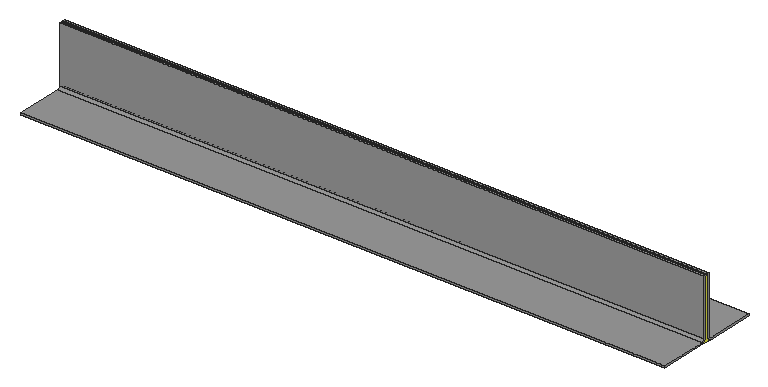
Revit family "TWK 215", category Generic Models, Revit 2014
Parameters (values of type "Max lintel length 2700mm")
  URL = "http://www.keystonelintels.co.uk"
  Structural Opening [instance] = 900 mm
  Structural Performance = "The Keystone lintel range has safe working loads as detailed in each applicable loading table in the Keystone Lintel Guide brochure. The structural performance figures within each table have been ascertained by testing in accordance with the requirements of standards BS EN 5977-2: 1983 and BS EN 845-2: 2003."
  RIBA Productor Selector = "available for Keystone Lintels Ltd from Keystone Lintels Ltd from ribaproductselector.com"
  Model = "TW/K 215"
  Min Length = 600 mm
  Min Clear Span = 300 mm
  Max Length = 2700 mm
  Max Clear Span = 2700 mm
  Material - Stainless Steel = "Grade 304 2b 1.4307 to BS EN 10088-2. Other grades available on request: contact manufacturer."
  Material - Galvanised Steel = "To BS EN 10346: 2009. DX51D plus Z600 or grade Z275 to BS 5977-2: 1983 (BS EN 845-2: 2003)."
  Manufacturer = "Keystone"
  Manufactured Length [instance] = (roundup(Effective Length / 150 mm) * 150 mm)  # 1200 mm
  Lintel height [instance] = 2100 mm
  Keynote = "F30/755"
  Fire Performance = "Keystone lintels have been subjected to a fire test (WARRES No. 101263) in accordance with BS 476-20: 1987, at Exova Warrington Fire and achieved a one hour fire performance."
  End Bearing = 150 mm
  Effective Length [instance] = Clear Opening with MIN MAX set + End Bearing * 2  # 1200 mm
  Corrosion = "Keystone’s standard range of lintels are manufactured from high quality grade pre-galvanized carbon steel with a zinc coating of 600"
  Contact Tel = "+44 (0)28 8676 2184"
  Contact Email = "info@keystonelintels.co.uk"
  Clear Opening with MIN MAX set [instance] = if(Structural Opening < Min Clear Span, Min Clear Span, (if(Structural Opening > Max Clear Span, Max Clear Span, Structural Opening)))  # 900 mm
  CPD Information = "Available for Keystone Lintels Ltd from ribacpd.com"
Reference planes
  plane 1 "Center (Front/Back)": y = 0
  plane 2: z = 0
  plane 3 "Center (Left/Right)": x = 0
  plane 4: x = -600
  plane 5: x = 600
  plane 6: z = 2100
  plane 7: x = -450
  plane 8: x = 450
Forms (mm)
  Extrusion 1, solid, material "Steel"
    sketch origin (0, 716.986, -553.741) x (0, 1, 0) y (0, 0, 1)
      loop
        line (-814.486, 2656.941) -> (-814.486, 2653.741) -> (-726.286, 2653.741)
        arc (-726.286, 2653.741) -> (-720.983, 2655.938) -> (-718.786, 2661.241) r 7.5
        line (-718.786, 2661.241) -> (-718.786, 2766.741) -> (-721.986, 2766.741) -> (-721.986, 2661.241)
        arc (-721.986, 2661.241) -> (-723.246, 2658.201) -> (-726.286, 2656.941) r 4.3
        line (-726.286, 2656.941) -> (-814.486, 2656.941)
    from -600 to 600
  Extrusion 2, solid, material "Steel"
    sketch origin (0, 716.986, -553.741) x (0, 1, 0) y (0, 0, 1)
      loop
        line (-707.686, 2653.741) -> (-619.486, 2653.741) -> (-619.486, 2656.941) -> (-707.686, 2656.941)
        arc (-707.686, 2656.941) -> (-710.727, 2658.201) -> (-711.986, 2661.241) r 4.3
        line (-711.986, 2661.241) -> (-711.986, 2766.741) -> (-715.186, 2766.741) -> (-715.186, 2661.241)
        arc (-715.186, 2661.241) -> (-712.989, 2655.938) -> (-707.686, 2653.741) r 7.5
    from -600 to 600
  Extrusion 3, solid, material "Insulation"
    sketch origin (0, 716.986, -553.741) x (0, 1, 0) y (0, 0, 1)
      loop
        line (-718.786, 2766.741) -> (-718.786, 2661.241)
        arc (-718.786, 2661.241) -> (-720.983, 2655.938) -> (-726.286, 2653.741) r 7.5
        line (-726.286, 2653.741) -> (-707.686, 2653.741)
        arc (-707.686, 2653.741) -> (-712.989, 2655.938) -> (-715.186, 2661.241) r 7.5
        line (-715.186, 2661.241) -> (-715.186, 2766.741) -> (-718.786, 2766.741)
    from -600 to 600
  Extrusion 4, solid, not visible
    sketch origin (0, 866.713, 1079.819) x (0, 1, 0) y (0, 0, 1)
      loop
        line (-707.686, 1053.741) -> (-619.486, 1053.741) -> (-619.486, 1056.941) -> (-707.686, 1056.941)
        arc (-707.686, 1056.941) -> (-710.727, 1058.201) -> (-711.986, 1061.241) r 4.3
        line (-711.986, 1061.241) -> (-711.986, 1166.741) -> (-715.186, 1166.741) -> (-715.186, 1061.241)
        arc (-715.186, 1061.241) -> (-712.989, 1055.938) -> (-707.686, 1053.741) r 7.5
    from 0 to 250
  Extrusion 5, solid, not visible
    sketch origin (0, 673.631, 1177.942) x (0, 1, 0) y (0, 0, 1)
      loop
        line (-814.486, 1056.941) -> (-814.486, 1053.741) -> (-726.286, 1053.741)
        arc (-726.286, 1053.741) -> (-720.983, 1055.938) -> (-718.786, 1061.241) r 7.5
        line (-718.786, 1061.241) -> (-718.786, 1166.741) -> (-721.986, 1166.741) -> (-721.986, 1061.241)
        arc (-721.986, 1061.241) -> (-723.246, 1058.201) -> (-726.286, 1056.941) r 4.3
        line (-726.286, 1056.941) -> (-814.486, 1056.941)
    from 0 to 250
  Extrusion 6, solid, not visible
    sketch origin (0, 804.856, 1230.99) x (0, 1, 0) y (0, 0, 1)
      loop
        line (-718.786, 1166.741) -> (-718.786, 1061.241)
        arc (-718.786, 1061.241) -> (-720.983, 1055.938) -> (-726.286, 1053.741) r 7.5
        line (-726.286, 1053.741) -> (-707.686, 1053.741)
        arc (-707.686, 1053.741) -> (-712.989, 1055.938) -> (-715.186, 1061.241) r 7.5
        line (-715.186, 1061.241) -> (-715.186, 1166.741) -> (-718.786, 1166.741)
    from 0 to 250
Dimensions and locks
  equal spacing: plane 4, plane 3 "Center (Left/Right)", plane 5
  "Manufactured Length": plane 4 to plane 5
  "Lintel height": plane 6 to level
  "Structural Opening": plane 7 to plane 8
  equal spacing: plane 7, plane 3 "Center (Left/Right)", plane 8
  aligned and locked: level to plane 2
  aligned and locked: Extrusion 3 to plane 6
  aligned and locked: Extrusion 2 to plane 6
  aligned and locked: Extrusion 1 to plane 6
  aligned and locked: plane 5 to Extrusion 1
  aligned and locked: Extrusion 1 to plane 4
  aligned and locked: plane 5 to Extrusion 2
  aligned and locked: Extrusion 2 to plane 4
  aligned and locked: plane 5 to Extrusion 3
  aligned and locked: Extrusion 3 to plane 4
Automatic sketch dimensions
  Extrusion 1 sketch curve to Extrusion 1 sketch curve = 4.3 mm
  Extrusion 1 sketch curve to Extrusion 1 sketch curve = 105.5 mm
  Extrusion 1 sketch curve to Extrusion 1 sketch curve = 88.2 mm
  Extrusion 1 sketch curve to Extrusion 1 sketch curve = 3.2 mm
  Extrusion 2 sketch curve to Extrusion 2 sketch curve = 88.2 mm
  Extrusion 2 sketch curve to Extrusion 2 sketch curve = 3.2 mm
  Extrusion 2 sketch curve to Extrusion 2 sketch curve = 0 mm  (x4)
  Extrusion 2 sketch curve to Extrusion 2 sketch curve = 4.3 mm
  Extrusion 2 sketch curve to Extrusion 2 sketch curve = 105.5 mm
  Extrusion 3 sketch curve to Extrusion 3 sketch curve = 3.6 mm
  Extrusion 3 sketch curve to Extrusion 3 sketch curve = 7.5 mm
  Extrusion 3 sketch curve to Extrusion 3 sketch curve = 0 mm
  Extrusion 3 sketch curve to Extrusion 3 sketch curve = 105.5 mm
  Extrusion 4 sketch curve to Extrusion 4 sketch curve = 88.2 mm
  Extrusion 4 sketch curve to Extrusion 4 sketch curve = 3.2 mm
  Extrusion 4 sketch curve to Extrusion 4 sketch curve = 0 mm  (x4)
  Extrusion 4 sketch curve to Extrusion 4 sketch curve = 4.3 mm
  Extrusion 4 sketch curve to Extrusion 4 sketch curve = 105.5 mm
  Extrusion 5 sketch curve to Extrusion 5 sketch curve = 4.3 mm
  Extrusion 5 sketch curve to Extrusion 5 sketch curve = 105.5 mm
  Extrusion 5 sketch curve to Extrusion 5 sketch curve = 88.2 mm
  Extrusion 5 sketch curve to Extrusion 5 sketch curve = 3.2 mm
  Extrusion 5 sketch curve to Extrusion 5 sketch curve = 0 mm  (x4)
  Extrusion 6 sketch curve to Extrusion 6 sketch curve = 3.6 mm
  Extrusion 6 sketch curve to Extrusion 6 sketch curve = 7.5 mm
  Extrusion 6 sketch curve to Extrusion 6 sketch curve = 0 mm
  Extrusion 6 sketch curve to Extrusion 6 sketch curve = 105.5 mm
  Extrusion 1 sketch curve to Extrusion 1 sketch curve = 0 mm  (x4)
  Extrusion 3 sketch curve to plane 6 = 0 mm
  plane 1 "Center (Front/Back)" to Extrusion 3 sketch curve = 9.3 mm
  Extrusion 1 sketch curve to plane 6 = 0 mm
  plane 1 "Center (Front/Back)" to Extrusion 1 sketch curve = 97.5 mm
  Extrusion 2 sketch curve to plane 6 = 0 mm
  Extrusion 2 sketch curve to plane 1 "Center (Front/Back)" = 1.8 mm
